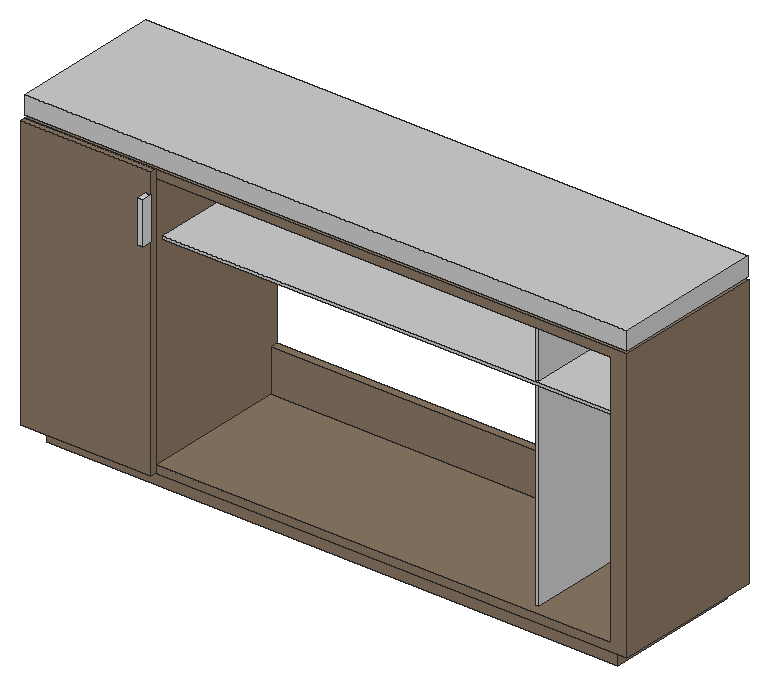
Revit family
Parameters
  URL = "http://www.martinbrattrud.com"
  Table Top [instance] = none
  SCS Certified Product = "Yes"
  Model = "Links 293-57H"
  Manufacturer = "Martin Brattrud, Inc."
  Leg [instance] = none
  Keynote = "125000"
  Foot [instance] = none
  Copyright = "© 2013 Martin Brattrud, Inc."
  Chair [instance] = none
  Authoring Version = "Revit Architecture 2010"
  Assembly Code = "E2020200"
Reference planes (in)
  plane 1 "Center Front/Back": y = 0
  plane 2: z = 0
  plane 3 "Center Left/Right": x = 0
  plane 4: z = 27.50852
  plane 5: z = 0
  plane 6: z = 1.5
  plane 7: x = -13
  plane 8: x = 28.75
  plane 9: x = -7.25
  plane 10: x = 7.25
  plane 11: x = -6.25
  plane 12: x = 6.25
  plane 13: x = -11.5
  plane 14: x = 28.75
  plane 15: x = 27.25
  plane 16: x = -10.62
  plane 17: z = 26.75852
  plane 18: z = 2.25
  plane 19: x = -12.25
  plane 20: x = 28
  plane 21: y = 7.25
  plane 22: y = 6.5
  plane 23: z = 6.25
  plane 24: z = 27.75
  plane 25: x = -11.5
  plane 26: z = 29.5
  plane 27: z = 27.75
  plane 28: z = 21.50852
  plane 29: y = -7.25
  plane 30: x = 28.75
  plane 31: x = -25.5
  plane 32: x = -13.75
  plane 33: x = -25.5
  plane 34: x = -24
  plane 35: x = -24.75
  plane 36: x = -24
  plane 37: y = -8.25
  plane 38: x = -13
  plane 39: y = -9.25
  plane 40: y = -6.5
  plane 41: y = -6.5
  plane 42: x = 28.75
  plane 43: x = -28.75
  plane 44: z = 29.5
Forms (in)
  Extrusion 1, solid
    sketch origin (-10.00002, 21.86807, 0) x (0, -1, 0) y (1, 0, 0)
      loop
        line (15.36807, 37.25002) -> (15.36807, -17.24998) -> (28.36807, -17.24998) -> (28.36807, 37.25002) -> (15.36807, 37.25002)
    from 0 to 1.5
  Extrusion 2, void
    sketch origin (32.5, -30.5, -0.5) x (0, -1, 0) y (0, 0, 1)
      loop
        line (-23.75, 27.25852) -> (-37, 27.25852) -> (-37, 2.75) -> (-23.75, 2.75) -> (-23.75, 27.25852)
    from 5.25 to 48.75
  Extrusion 3, solid
    sketch origin (-3.25, 0, -0.25) x (0, 1, 0) y (0, 0, -1)
      loop
        line (-7.25, -1.75) -> (-7.25, -27.75852) -> (7.25, -27.75852) -> (7.25, -1.75) -> (-7.25, -1.75)
    from -32 to 13
  Extrusion 4, void
    sketch origin (32.5, -30.5, -4.5) x (0, -1, 0) y (0, 0, 1)
      loop
        line (-20.81533, 25.75) -> (-38.75, 25.75) -> (-38.75, 6.75) -> (-20.81533, 6.75) -> (-20.81533, 25.75)
    from 5.25 to 48.75
  Extrusion 5, solid
    sketch origin (-10.00002, 21.86807, 27.50852) x (0, -1, 0) y (1, 0, 0)
      loop
        line (15.36807, 38.00002) -> (15.36807, -17.99998) -> (28.36807, -17.99998) -> (28.36807, 38.00002) -> (15.36807, 38.00002)
    from 0 to 0.24148
  Extrusion 6, solid
    sketch origin (-10.00002, 21.86807, 29.25852) x (0, -1, 0) y (1, 0, 0)
      loop
        line (14.61807, 38.75002) -> (14.61807, -18.74998) -> (29.11807, -18.74998) -> (29.11807, 38.75002) -> (14.61807, 38.75002)
    from -1.50852 to 0.24148
  Extrusion 7, solid
    sketch origin (-10.00002, 21.86807, 22.75852) x (0, -1, 0) y (1, 0, 0)
      loop
        line (15.36807, 37.25002) -> (15.36807, -6.24998) -> (28.61807, -6.24998) -> (28.61807, 37.25002) -> (15.36807, 37.25002)
    from -1.50852 to -1.25
  Extrusion 8, solid
    sketch origin (18, 21.86807, -1.7415) x (0, -1, 0) y (0, 0, 1)
      loop
        line (15.36807, 22.9915) -> (15.36807, 3.9915) -> (28.11807, 3.9915) -> (28.11807, 22.9915) -> (15.36807, 22.9915)
    from -1.50852 to -1.25
  Extrusion 9, solid
    sketch origin (18, 21.86807, 17.51702) x (0, -1, 0) y (0, 0, 1)
      loop
        line (15.36807, 9.2415) -> (15.36807, 3.9915) -> (28.11807, 3.9915) -> (28.11807, 9.2415) -> (15.36807, 9.2415)
    from -1.50852 to -1.25
  Extrusion 10, solid
    sketch origin (-3.25, 0, 0) x (1, 0, 0) y (0, 0, 1)
      loop
        line (-13, 27.50852) -> (-25.5, 27.50852) -> (-25.5, 1.5) -> (-13, 1.5) -> (-13, 27.50852)
    from -7.25 to 7.25
  Extrusion 11, void
    sketch origin (20, -30.5, -0.99148) x (0, -1, 0) y (0, 0, 1)
      loop
        line (-23, 21.75) -> (-37, 21.75) -> (-37, 3.24148) -> (-23, 3.24148) -> (-23, 21.75)
    from 37 to 48
  Extrusion 12, void
    sketch origin (20, -30.5, 12.76704) x (0, -1, 0) y (0, 0, 1)
      loop
        line (-23.25, 13.99148) -> (-37, 13.99148) -> (-37, 8.74148) -> (-23.25, 8.74148) -> (-23.25, 13.99148)
    from 37 to 48
  Extrusion 13, solid
    sketch origin (-3.25, 0, 0) x (1, 0, 0) y (0, 0, 1)
      loop
        line (-25.5, 27.50852) -> (-25.5, 1.5) -> (-13, 1.5) -> (-13, 27.50852) -> (-25.5, 27.50852)
    from 7.25 to 7.75
  Extrusion 14, solid
    sketch origin (-3.25, 0.5, 5.5) x (1, 0, 0) y (0, 0, 1)
      loop
        line (-13, 16.00852) -> (-13, 20.00852) -> (-13.5, 20.00852) -> (-13.5, 16.00852) -> (-13, 16.00852)
    from 8.25 to 9.25
  Extrusion 15, void
    sketch origin (20, -30, 5.00852) x (0, -1, 0) y (0, 0, 1)
      loop
        line (-22.75, 16.5) -> (-24.25, 16.5) -> (-24.25, 15.75) -> (-22.75, 15.75) -> (-22.75, 16.5)
    from 37 to 48
  Extrusion 16, void
    sketch origin (32.5, -45.25, -4.5) x (0, -1, 0) y (0, 0, 1)
      loop
        line (-36, 31.25852) -> (-38.75, 31.25852) -> (-38.75, 6.75) -> (-36, 6.75) -> (-36, 31.25852)
    from 5.25 to 48.75
  Extrusion 17, solid
    sketch origin (-3.25, 0, 0) x (1, 0, 0) y (0, 0, 1)
      loop
        line (-13, 2.25) -> (30.5, 2.25) -> (30.5, 6.25) -> (-13, 6.25) -> (-13, 2.25)
    from -7.25 to -6.5
Cuts and joins
  Extrusion 11, Extrusion 16 cuts Extrusion 7
  Extrusion 11, Extrusion 16 cuts Extrusion 8
  Extrusion 11 cuts Extrusion 9
  Extrusion 2, Extrusion 4, Extrusion 11, Extrusion 12, Extrusion 15, Extrusion 16 cuts Extrusion 3
  Extrusion 11, Extrusion 12, Extrusion 15, Extrusion 16 cuts Extrusion 10
  joined: Extrusion 3, Extrusion 10, Extrusion 17
  Extrusion 16 cuts Extrusion 13
